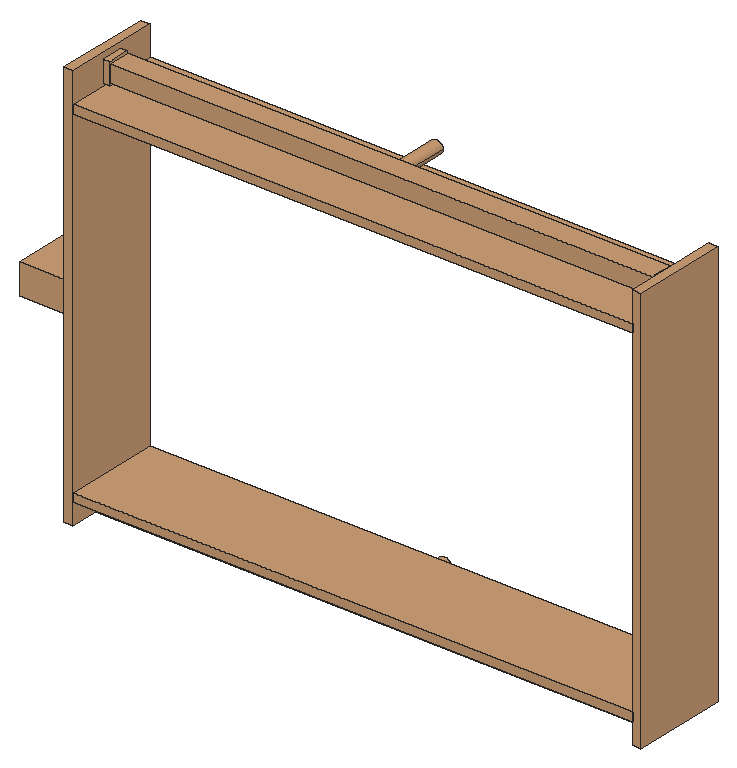
Revit family
Parameters
  Center Of Unit = 0' - 0"  # constant formula
  Water Pressure Drop [instance] = 0.00 psi
  Water Flow [instance] = 0 GPM
  Unit Weight (lbs) = 1406
  URL = "http://www.ljwing.com/"
  Water Outlet Radius = 0' - 1 1/2"
  Water Outlet Odd sizes = 0' - 0"
  Total Heating Capacity [instance] = 0.0 Btu/h
  Temperature Rise [instance] = 0 °F
  Series = "VIFB"
  Outlet Area = 69.60 SF
  Number of Rows = 1  # constant formula
  Number of Coils [instance] = 0
  Nominal Length = 11' - 0 5/8"
  Model = "VE-12"
  Manufacturer = "LJ Wing"
  Leaving Water Temperature [instance] = 0 °F
  Leaving Air Temperature [instance] = 0 °F
  Face Velocity (FPM) [instance] = 0
  Entering Water Temperature [instance] = 0 °F
  Entering Air Temperature [instance] = 0 °F
  Description = "Vertical Integral Face & Bypass Water Heating Coils"
  Hot Water Odd Sizes = 0' - 0"
  Hot Water Inlet Offset = 0' - 4 3/8"  # constant formula
  Hot Water Inlet  Radius = 0' - 1 1/2"
  Coil Face Area = Outlet Area * 0.56  # 38.976 SF
  Casing Material = ""
  Assembly Code = "D3020300"
  Air Pressure Drop [instance] = 0.00 in-wg
  Air Inlet Width = Nominal Length - 0' 4"  # 10' - 8 5/8"
  Air Inlet Height = Y  # 6' - 6"
  Air Flow [instance] = 0 CFM
  Z = 0' - 2 1/8"
  Y = 6' - 6"
  S = 0' - 6 13/16"
  Product URL = "http://www.ljwing.com/html/vifb.asp"
  OmniClass = "23-75 70 21 14"
  Nominal Height = 7' - 9 11/16"
  Nominal Depth = 1' - 10"
  R = 0' - 8 7/8"
  Q = 0' - 3 5/16"
  P = 0' - 3 3/4"
  L = 0' - 3"
Reference planes (in)
  plane 1 "Center (Front/Back)": y = 0
  plane 2: z = -39
  plane 3 "Center (Left/Right)": x = 0
  plane 4: z = 47.875
  plane 5: x = -66.3125
  plane 6: x = 66.3125
  plane 7: z = -45.8125
  plane 8: z = 0
  plane 9: y = -11
  plane 10: y = 11
  plane 11: z = 39
  plane 12: z = 41
  plane 13: z = -41
  plane 14: x = 64.3125
  plane 15: x = -64.3125
  plane 16: z = 44.125
  plane 17: z = -42.8125
  plane 18: x = -63
  plane 19: x = 63
  plane 20: y = 13.125
  plane 21: y = 15.375
  plane 22: x = -77.3125
  plane 23: x = 0
  plane 24: x = 0
  plane 25: z = 46.125
  plane 26: z = 42.125
  plane 27: y = -2.5
  plane 28: y = 2.5
  plane 29: y = -4.5
Forms (in)
  Extrusion 1, solid, material "Painted Finish"
    sketch origin (0, 6, -9.75) x (1, 0, 0) y (0, 0, 1)
      loop
        line (-66.3125, -36.0625) -> (-64.3125, -36.0625) -> (-64.3125, 57.625) -> (-66.3125, 57.625) -> (-66.3125, -36.0625)
      loop
        line (66.3125, -36.0625) -> (66.3125, 57.625) -> (64.3125, 57.625) -> (64.3125, -36.0625) -> (66.3125, -36.0625)
    from -5 to 17
  Extrusion 2, solid, material "Painted Finish"
    sketch origin (0, 6, 0) x (1, 0, 0) y (0, 0, 1)
      loop
        line (64.3125, -39) -> (-64.3125, -39) -> (-64.3125, -41) -> (64.3125, -41) -> (64.3125, -39)
      loop
        line (64.3125, 39) -> (64.3125, 41) -> (-64.3125, 41) -> (-64.3125, 39) -> (64.3125, 39)
    from -5 to 17
  Extrusion 3, solid, material "Painted Finish"
    sketch origin (0, 10, -0.5) x (1, 0, 0) y (0, 0, 1)
      loop
        line (-66.3125, 4) -> (-77.3125, 4) -> (-77.3125, -3) -> (-66.3125, -3) -> (-66.3125, 4)
    from 0 to 20
  Extrusion 4, solid, material "Painted Finish"
    sketch origin (0, 6, 0) x (1, 0, 0) y (0, 0, 1)
      loop
        line (-62.6875, 46.125) -> (-62.6875, 42.125) -> (62.6875, 42.125) -> (62.6875, 46.125) -> (-62.6875, 46.125)
    from 3.5 to 8.5
  Extrusion 5, solid, material "Painted Finish"
    sketch origin (0, 0, 0) x (1, 0, 0) y (0, 0, 1)
      loop
        line (-62.6875, 41.625) -> (-62.6875, 46.625) -> (-64.3125, 46.625) -> (-64.3125, 41.625) -> (-62.6875, 41.625)
      loop
        line (64.3125, 41.625) -> (64.3125, 46.625) -> (62.6875, 46.625) -> (62.6875, 41.625) -> (64.3125, 41.625)
    from -2.5 to 2.5
  Extrusion 6, solid, material "Painted Finish"
    sketch origin (0, 23, 0) x (1, 0, 0) y (0, 0, 1)
      loop
        circle (0, 44.125) r 1.5
    from 9.875 to 20.5
  Extrusion 7, solid, material "Painted Finish"
    sketch origin (0, 6, 0) x (1, 0, 0) y (0, 0, 1)
      loop
        line (-64.3125, -41) -> (-64.3125, -45.8125) -> (64.3125, -45.8125) -> (64.3125, -41) -> (-64.3125, -41)
    from -5 to 10.5
  Extrusion 8, solid, material "Painted Finish"
    sketch origin (0, 23, 0) x (1, 0, 0) y (0, 0, 1)
      loop
        circle (0, -42.8125) r 1.5
    from 7.625 to 12
  Extrusion 9, void
    sketch origin (0, 0, 0) x (1, 0, 0) y (0, 0, 1)
      loop
        line (-64.3125, 39) -> (-64.3125, -39) -> (64.3125, -39) -> (64.3125, 39) -> (-64.3125, 39)
    from -11 to 11
Cuts and joins
  Extrusion 9 cuts Extrusion 1
  Extrusion 9 cuts Extrusion 2
Dimensions and locks (in)
  "Nominal Length": plane 6 to plane 5
  equal spacing: plane 6, plane 3 "Center (Left/Right)", plane 5
  "S": plane 2 to plane 7
  "Nominal Depth": plane 10 to plane 9
  equal spacing: plane 10, plane 1 "Center (Front/Back)", plane 9
  "Y": plane 11 to plane 2
  "R": plane 4 to plane 11
  locked: plane 12 to plane 11 at 2
  locked: plane 2 to plane 13 at 2
  "P": plane 4 to plane 16
  "L": plane 17 to plane 7
  "Q": plane 18 to plane 5
  "Q": plane 6 to plane 19
  "Z": plane 20 to plane 10
  "Hot Water Inlet Offset": plane 21 to plane 10
  locked: plane 5 to plane 22 at 11
  locked: Extrusion 3 sketch curve to Extrusion 3 sketch curve at 7
  locked: Extrusion 3 to Extrusion 3 at 20
  locked: plane 6 to plane 14 at 2
  locked: plane 15 to plane 5 at 2
  "Water Outlet Odd sizes": plane 23 to plane 3 "Center (Left/Right)"
  "Hot Water Odd Sizes": plane 3 "Center (Left/Right)" to plane 24
  equal spacing: plane 25, plane 16, plane 26
  locked: Extrusion 5 sketch curve to plane 25 at 0.5
  locked: plane 26 to Extrusion 5 sketch curve at 0.5
  locked: Extrusion 6 sketch curve to plane 16 at 0
  locked: Extrusion 6 sketch curve to plane 23 at 0
  locked: Extrusion 8 sketch curve to plane 17 at 0
  locked: Extrusion 8 sketch curve to plane 24 at 0
  locked: plane 25 to plane 26 at 4
  locked: plane 28 to plane 27 at 5
  equal spacing: plane 28, plane 1 "Center (Front/Back)", plane 27
  locked: plane 27 to plane 29 at 2
  plane 4 to plane 7 = 7' - 9 11/16"
  locked: Extrusion 5 sketch curve to Extrusion 1 at 1.625
  locked: Extrusion 5 sketch curve to Extrusion 5 sketch curve at 1.625
  locked: Extrusion 9 sketch curve to plane 11 at 0
  locked: Extrusion 9 sketch curve to plane 15 at 0
  locked: Extrusion 9 sketch curve to plane 14 at 0
  locked: Extrusion 9 sketch curve to plane 2 at 0
  equal spacing: plane 11, plane 8, plane 2
  "Water Outlet Radius": radius of Extrusion 6 sketch curve
  "Hot Water Inlet  Radius": radius of Extrusion 8 sketch curve
  aligned and locked: Extrusion 1 to plane 9
  aligned and locked: Extrusion 1 to plane 10
  aligned and locked: Extrusion 1 to plane 15
  aligned and locked: Extrusion 1 to plane 14
  aligned and locked: Extrusion 2 to plane 9
  aligned and locked: plane 9 to Extrusion 1
  aligned and locked: plane 10 to Extrusion 1  (x2)
  aligned and locked: Extrusion 2 to plane 10
  aligned and locked: plane 10 to Extrusion 2  (x2)
  aligned and locked: plane 9 to Extrusion 2  (x2)
  aligned and locked: plane 5 to Extrusion 3
  aligned and locked: Extrusion 5 sketch curve to plane 15
  aligned and locked: Extrusion 5 sketch curve to Extrusion 4
  aligned and locked: Extrusion 6 to plane 20
  aligned and locked: Extrusion 1 to Extrusion 7
  aligned and locked: Extrusion 8 to plane 10
  aligned and locked: plane 21 to Extrusion 8
  aligned and locked: plane 27 to Extrusion 5
  aligned and locked: Extrusion 5 to Extrusion 4  (x2)
  aligned and locked: Extrusion 5 to plane 28
  aligned and locked: Extrusion 6 to Extrusion 4
  aligned and locked: Extrusion 7 to plane 29  (x2)
  aligned and locked: Extrusion 8 to Extrusion 7
  aligned and locked: Extrusion 4 to Extrusion 5  (x2)
  aligned and locked: Extrusion 5 to Extrusion 1  (x2)
  aligned and locked: plane 2 to Extrusion 2
  aligned and locked: Extrusion 1 sketch curve to plane 6
  aligned and locked: Extrusion 1 sketch curve to plane 14
  aligned and locked: Extrusion 1 sketch curve to plane 15
  aligned and locked: Extrusion 1 sketch curve to plane 5
  aligned and locked: plane 7 to Extrusion 1 sketch curve
  aligned and locked: Extrusion 1 sketch curve to plane 7
  aligned and locked: Extrusion 1 sketch curve to plane 4
  aligned and locked: plane 4 to Extrusion 1 sketch curve
  aligned and locked: Extrusion 2 sketch curve to plane 11
  aligned and locked: Extrusion 2 sketch curve to plane 12
  aligned and locked: Extrusion 2 sketch curve to plane 14
  aligned and locked: Extrusion 2 sketch curve to plane 15
  aligned and locked: Extrusion 2 sketch curve to plane 13
  aligned and locked: plane 2 to Extrusion 2 sketch curve
  aligned and locked: plane 14 to Extrusion 2 sketch curve
  aligned and locked: plane 15 to Extrusion 2 sketch curve
  aligned and locked: Extrusion 7 sketch curve to plane 13
  aligned and locked: Extrusion 7 sketch curve to plane 7
  aligned and locked: plane 14 to Extrusion 7 sketch curve
  aligned and locked: Extrusion 7 sketch curve to plane 15
  aligned and locked: cut or joined group of Extrusion 1, Extrusion 9 to plane 10
  aligned and locked: Extrusion 8 to plane 21
Automatic sketch dimensions
  Extrusion 3 sketch curve to plane 22 = 0' - 0"
  Extrusion 3 sketch curve to plane 5 = 0' - 0"
  plane 8 to Extrusion 3 sketch curve = 0' - 3 1/2"
  Extrusion 4 sketch curve to plane 25 = 0' - 0"
  Extrusion 4 sketch curve to plane 26 = 0' - 0"
  plane 18 to Extrusion 4 sketch curve = 0' - 0 5/16"
  Extrusion 4 sketch curve to plane 19 = 0' - 0 5/16"
  plane 26 to Extrusion 5 sketch curve = 0' - 0 1/2"
  Extrusion 5 sketch curve to plane 25 = 0' - 0 1/2"
Connectors (in)
  hvac at (0, -11, 0), driven by "Air Inlet Height", driven by "Air Inlet Width", driven by "Air Flow", driven by "Air Pressure Drop"
    settings: on Extrusion 9, index 1
  hvac at (0, 11, 0), driven by "Air Pressure Drop", driven by "Air Inlet Height", driven by "Air Inlet Width", driven by "Air Flow"
    settings: on Extrusion 9, index 2
  piping at (0, 13.125, 44.125), driven by "Water Flow", driven by "Water Outlet Radius", driven by "Water Pressure Drop"
    settings: on Extrusion 6, index 3
  piping at (0, 15.375, -42.8125), driven by "Water Flow", driven by "Water Pressure Drop", driven by "Hot Water Inlet  Radius"
    settings: on Extrusion 8, index 4
